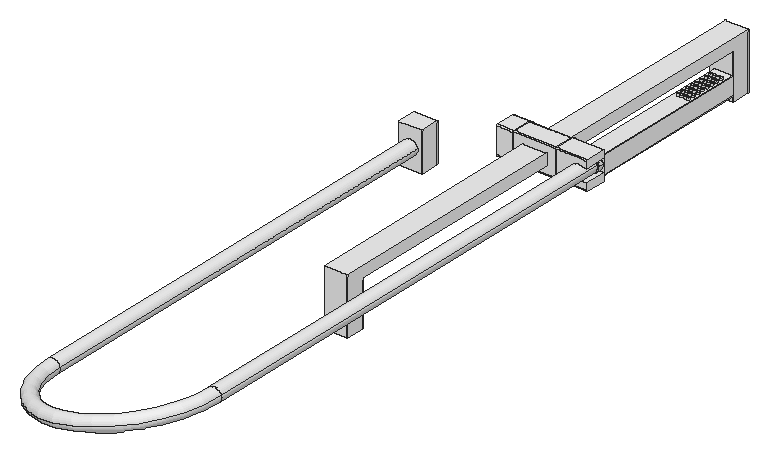
Revit family "Shower_Set-GROHE-Euphoria_Cube+_Stick-27891000", category Plumbing Fixtures, host Face, Revit 2014
Parameters
  cUPC Compliant = yes
  Width = 6"
  Waste Connection = no
  Warranty Documentation Link = "https://cdn.cloud.grohe.com/tpi/1000/1900/1940/1949/1949006/original/1949006.pdf"
  WFU = 4  # constant formula
  Vent Connection = no
  URL = "https://www.grohe.us/"
  Type Comments = ""
  Tempered Connection Radius = Tempered Connection Diameter / 2  # 1/4"
  Tempered Connection Diameter = Hot Water Connection Diameter  # 1/2"
  Product Page URL = "https://www.grohe.us/en_us/euphoria-cube-shower-set-27891000.html"
  Price = "Prices may vary. Please consult Manufacturer Representative for most up-to-date price list."  # constant formula
  Model = "27891000"
  Material = "Metal-Grohe-000-Chrome"
  Manufacturer = "Grohe"
  Length = 2 7/8"
  Installation Type = "Wall Mounted"
  Hot Water Connection Radius = Hot Water Connection Diameter / 2  # 1/4"
  Hot Water Connection Diameter = Cold Water Connection Diameter  # 1/2"
  Height = 24 105/256"  # constant formula
  HWFU = 3  # constant formula
  HW Connection = yes
  Flow Rate = "2.0 gpm (7.6 L/min.)"
  Finish = Metal-Grohe-000-Chrome
  Description = "Euphoria Cube+ Stick"  # constant formula
  Default Elevation = 78"  # constant formula
  Creation Date = "03/08/2017"  # constant formula
  Cold Water Connection Radius = 1/4"  # constant formula
  Cold Water Connection Diameter = Cold Water Connection Radius * 2  # 1/2"
  CalGreen Compliant = yes
  CWFU = 3  # constant formula
  CW Connection = yes
  Assembly Code = "D2010710"
  ADA Compliant = yes
Reference planes (in)
  plane 1 "Center (Front/Back)": y = 0
  plane 2: z = 0
  plane 3 "Center (Left/Right)": x = 0
  plane 4: x = -6
  plane 5: y = 12.20508
  plane 6: y = -12.20508
  plane 7: z = 2.875
  plane 8: x = -0.59055
  plane 9: x = 0.59055
  plane 10: z = 1.97054
  plane 11: y = 12.70114
  plane 12: y = 11.70902
  plane 13: z = 2.57768
  plane 14: through (-7.40343, 0.62043, 49.61304) normal (0.9819, 0, 0.1893)
  plane 15: through (-6.69212, 0.62043, 49.75014) normal (0.9819, 0, 0.1893)
Forms (in)
  Extrusion 1, solid, material "Metal-Grohe-000-Chrome" <- "Finish"
    sketch origin (0, 0, 0) x (1, 0, 0) y (0, 1, 0)
      loop
        arc (-0.5605, 12.70114) -> (-0.58175, 12.69234) -> (-0.59055, 12.67109) r 0.03005
        line (-0.59055, 12.67109) -> (-0.59055, 11.73906)
        arc (-0.59055, 11.73906) -> (-0.58175, 11.71782) -> (-0.5605, 11.70902) r 0.03005
        line (-0.5605, 11.70902) -> (0.5605, 11.70902)
        arc (0.5605, 11.70902) -> (0.58175, 11.71782) -> (0.59055, 11.73906) r 0.03005
        line (0.59055, 11.73906) -> (0.59055, 12.67109)
        arc (0.59055, 12.67109) -> (0.58175, 12.69234) -> (0.5605, 12.70114) r 0.03005
        line (0.5605, 12.70114) -> (-0.5605, 12.70114)
      loop
        line (-0.5605, -12.70114) -> (0.5605, -12.70114)
        arc (0.5605, -12.70114) -> (0.58175, -12.69234) -> (0.59055, -12.67109) r 0.03005
        line (0.59055, -12.67109) -> (0.59055, -11.73906)
        arc (0.59055, -11.73906) -> (0.58175, -11.71782) -> (0.5605, -11.70902) r 0.03005
        line (0.5605, -11.70902) -> (-0.5605, -11.70902)
        arc (-0.5605, -11.70902) -> (-0.58175, -11.71782) -> (-0.59055, -11.73906) r 0.03005
        line (-0.59055, -11.73906) -> (-0.59055, -12.67109)
        arc (-0.59055, -12.67109) -> (-0.58175, -12.69234) -> (-0.5605, -12.70114) r 0.03005
    from 0 to 2.875
  Extrusion 2, solid, material "Metal-Grohe-000-Chrome" <- "Finish"
    sketch origin (0, 0, 0.90446) x (1, 0, 0) y (0, 1, 0)
      loop
        line (-0.59055, 12.20508) -> (-0.59055, -12.20508) -> (0.59055, -12.20508) -> (0.59055, 12.20508) -> (-0.59055, 12.20508)
    from 1.39764 to 1.97054
  Extrusion 3, solid, material "Metal-Grohe-000-Chrome" <- "Finish"
    sketch origin (0, 0, 0.90446) x (0, 1, 0) y (0, 0, 1)
      loop
        line (0.91045, 2.38182) -> (-0.07469, 2.38182)
        arc (-0.07469, 2.38182) -> (-0.10231, 2.37038) -> (-0.11375, 2.34276) r 0.03906
        line (-0.11375, 2.34276) -> (-0.11375, 1.0022)
        arc (-0.11375, 1.0022) -> (-0.10275, 0.97564) -> (-0.07619, 0.96464) r 0.03756
        line (-0.07619, 0.96464) -> (0.91004, 0.96464)
        arc (0.91004, 0.96464) -> (0.93766, 0.97608) -> (0.9491, 1.0037) r 0.03906
        line (0.9491, 1.0037) -> (0.9491, 2.34317)
        arc (0.9491, 2.34317) -> (0.93778, 2.3705) -> (0.91045, 2.38182) r 0.03865
    from -1.9185 to 2.65748
  Extrusion 4, void
    sketch origin (0, 0, 0.90446) x (0, 1, 0) y (0, 0, 1)
      loop
        line (-0.05125, 2.31932) -> (-0.05125, 1.02714) -> (0.8866, 1.02714) -> (0.8866, 2.31932) -> (-0.05125, 2.31932)
      loop
        arc (-0.07469, 2.44432) -> (-0.1465, 2.41457) -> (-0.17625, 2.34276) r 0.10156
        line (-0.17625, 2.34276) -> (-0.17625, 1.0022)
        arc (-0.17625, 1.0022) -> (-0.14694, 0.93144) -> (-0.07619, 0.90214) r 0.10006
        line (-0.07619, 0.90214) -> (0.91004, 0.90214)
        arc (0.91004, 0.90214) -> (0.98186, 0.93188) -> (1.0116, 1.0037) r 0.10156
        line (1.0116, 1.0037) -> (1.0116, 2.34317)
        arc (1.0116, 2.34317) -> (0.98198, 2.41469) -> (0.91045, 2.44432) r 0.10115
        line (0.91045, 2.44432) -> (-0.07469, 2.44432)
    from -1.09173 to -1.05346
  Extrusion 5, void
    sketch origin (0, 0, 0.90446) x (0, 1, 0) y (0, 0, -1)
      loop
        line (-0.05125, -2.31932) -> (0.8866, -2.31932) -> (0.8866, -1.02714) -> (-0.05125, -1.02714) -> (-0.05125, -2.31932)
      loop
        line (-0.07469, -2.44432) -> (0.91045, -2.44432)
        arc (0.91045, -2.44432) -> (0.98198, -2.41469) -> (1.0116, -2.34317) r 0.10115
        line (1.0116, -2.34317) -> (1.0116, -1.0037)
        arc (1.0116, -1.0037) -> (0.98186, -0.93188) -> (0.91004, -0.90214) r 0.10156
        line (0.91004, -0.90214) -> (-0.07619, -0.90214)
        arc (-0.07619, -0.90214) -> (-0.14694, -0.93144) -> (-0.17625, -1.0022) r 0.10006
        line (-0.17625, -1.0022) -> (-0.17625, -2.34276)
        arc (-0.17625, -2.34276) -> (-0.1465, -2.41457) -> (-0.07469, -2.44432) r 0.10156
    from -1.09173 to -1.04748
  Extrusion 6, void
    sketch origin (0, 0, 0) x (0, 1, 0) y (0, 0, 1)
      loop
        line (0.77744, 3.012) -> (0.04784, 3.012) -> (0.04784, 2.12638) -> (0.77744, 2.12638) -> (0.77744, 3.012)
      loop
        line (0.71494, 2.9495) -> (0.11034, 2.9495) -> (0.11034, 2.18888) -> (0.71494, 2.18888) -> (0.71494, 2.9495)
    from -1.9848 to -1.88232
  Extrusion 7, void
    sketch origin (0, 0, 0) x (1, 0, 0) y (0, 0, 1)
      loop
        arc (2.18504, 2.89861) -> (1.86412, 2.57768) -> (2.18504, 2.25676) r 0.32092
        line (2.18504, 2.25676) -> (2.86693, 2.25676) -> (2.86693, 2.89861) -> (2.18504, 2.89861)
    from -1.15281 to 1.00264
  Extrusion 8, solid, material "Metal-Grohe-000-Chrome" <- "Finish"
    sketch origin (0, 0, 0) x (1, 0, 0) y (0, 1, 0)
      loop
        arc (-6.5605, 0.49606) -> (-6.58175, 0.48726) -> (-6.59055, 0.46601) r 0.03005
        line (-6.59055, 0.46601) -> (-6.59055, -0.46601)
        arc (-6.59055, -0.46601) -> (-6.58175, -0.48726) -> (-6.5605, -0.49606) r 0.03005
        line (-6.5605, -0.49606) -> (-5.4395, -0.49606)
        arc (-5.4395, -0.49606) -> (-5.41825, -0.48726) -> (-5.40945, -0.46601) r 0.03005
        line (-5.40945, -0.46601) -> (-5.40945, 0.46601)
        arc (-5.40945, 0.46601) -> (-5.41825, 0.48726) -> (-5.4395, 0.49606) r 0.03005
        line (-5.4395, 0.49606) -> (-6.5605, 0.49606)
    from 0 to 1.97054
  Sweep 9, solid, material "Metal-Grohe-000-Chrome" <- "Finish"
    path origin (-0.10845, 0, 2.13561) x (0.981925, 0, 0.189268) y (0, 1, 0)
      loop
        line (-6, 0) -> (-6, -23.16051)
        arc (-6, -23.16051) -> (-1.82935, -27.33116) -> (2.34129, -23.16051) r 4.17065
        line (2.34129, -23.16051) -> (2.34129, 0.62043)
    profile origin (-6, -11.58026, 1) x (0.981925, 0, 0.189268) y (-0.189268, 0, 0.981925)
      loop
        circle (0, 0) r 0.3622
Cuts and joins
  Extrusion 6, Extrusion 7 cuts Extrusion 1
  Extrusion 6, Extrusion 7 cuts Extrusion 2
  Extrusion 4, Extrusion 5, Extrusion 6, Extrusion 7 cuts Extrusion 3
  joined: Extrusion 1, Extrusion 2, Extrusion 3, Extrusion 8, Sweep 9
Lines and regions (in)
  Masking region 1
    outline origin (0, 0, 0) x (1, 0, 0) y (0, 0, 1)
      loop
        line (-5.40945, 1.97054) -> (-6.59055, 1.97054) -> (-6.59055, 0) -> (-5.40945, 0) -> (-5.40945, 0.74496) -> (-0.59055, 1.67381) -> (-0.59055, 0) -> (0.59055, 0) -> (0.59055, 1.86909) -> (1.04748, 1.86909) -> (1.04748, 1.93159) -> (1.09173, 1.93159) -> (1.09173, 1.86909) -> (2.65748, 1.86909) -> (2.65748, 3.28628) -> (1.09173, 3.28628) -> (1.09173, 3.22378) -> (1.04748, 3.22378) -> (1.04748, 3.28628) -> (-1.04748, 3.28628) -> (-1.04748, 3.22378) -> (-1.09173, 3.22378) -> (-1.09173, 3.28628) -> (-1.9185, 3.28628) -> (-1.9185, 2.15559) -> (-5.40945, 1.4827) -> (-5.40945, 1.97054)
  model lines, style "Default"
    curve 1: line (0, 12.07514, 0) -> (0, 12.20508, 0)
    curve 2: line (0, 12.20508, 0) -> (-0.12652, 12.20508, 0)
    curve 3: line (0.11784, -11.36973, 0) -> (0, -11.36973, 0)
    curve 4: line (0, -11.36973, 0) -> (0, -11.58639, 0)
  symbolic lines, detail levels medium+fine
    curve 5: line (0.59055, 0, 1.86909) -> (0.59055, 0, 2.875)
    curve 6: line (0.59055, 0, 2.875) -> (-0.59055, 0, 2.875)
    curve 7: line (-0.59055, 0, 2.875) -> (-0.59055, 0, 1.67381)
    curve 8: line (-1.9185, 0, 2.15559) -> (-1.9185, 0, 1.86909)
    curve 9: line (-1.9185, 0, 1.86909) -> (-1.09173, 0, 1.86909)
    curve 10: line (-1.09173, 0, 1.86909) -> (-1.09173, 0, 1.93159)
    curve 11: line (-1.04748, 0, 1.93159) -> (-1.04748, 0, 1.86909)
    curve 12: line (-1.09173, 0, 1.93159) -> (-1.04748, 0, 1.93159)
    curve 13: line (-1.04748, 0, 1.86909) -> (-0.59055, 0, 1.86909)
    curve 14: arc (2.63744, 0, 2.10525) -> (2.65161, 0, 2.11112) -> (2.65748, 0, 2.12529) r 0.02004
    curve 15: line (2.63744, 0, 2.10525) -> (1.73265, 0, 2.10525)
    curve 16: arc (1.71261, 0, 2.12529) -> (1.71848, 0, 2.11112) -> (1.73265, 0, 2.10525) r 0.02004
    curve 17: line (1.71261, 0, 2.12529) -> (1.71261, 0, 3.03007)
    curve 18: arc (1.73265, 0, 3.05012) -> (1.71848, 0, 3.04425) -> (1.71261, 0, 3.03007) r 0.02004
    curve 19: arc (2.65748, 0, 3.03007) -> (2.65161, 0, 3.04425) -> (2.63744, 0, 3.05012) r 0.02004
    curve 20: line (1.73265, 0, 3.05013) -> (1.85416, 0, 3.05013)
    curve 21: line (1.85416, 0, 3.10918) -> (1.98165, 0, 3.10918)
    curve 22: line (2.51593, 0, 3.10918) -> (2.51593, 0, 3.05013)
    curve 23: line (2.38931, 0, 3.10918) -> (2.38931, 0, 3.05013)
    curve 24: line (2.33767, 0, 3.10918) -> (2.33767, 0, 3.05013)
    curve 25: line (2.21017, 0, 3.10918) -> (2.21017, 0, 3.05013)
    curve 26: line (2.15853, 0, 3.10918) -> (2.15853, 0, 3.05013)
    curve 27: line (2.03329, 0, 3.10918) -> (2.03329, 0, 3.05013)
    curve 28: line (1.98165, 0, 3.10918) -> (1.98165, 0, 3.05013)
    curve 29: line (1.85416, 0, 3.10918) -> (1.85416, 0, 3.05013)
    curve 30: line (2.51593, 0, 3.05013) -> (2.63744, 0, 3.05013)
    curve 31: line (2.33767, 0, 3.05013) -> (2.38931, 0, 3.05013)
    curve 32: line (2.15853, 0, 3.05013) -> (2.21017, 0, 3.05013)
    curve 33: line (1.98165, 0, 3.05013) -> (2.03329, 0, 3.05013)
    curve 34: line (2.38931, 0, 3.10918) -> (2.51593, 0, 3.10918)
    curve 35: line (2.21017, 0, 3.10918) -> (2.33767, 0, 3.10918)
    curve 36: line (2.03329, 0, 3.10918) -> (2.15853, 0, 3.10918)
    curve 37: line (2.51593, 0, 3.05013) -> (2.38931, 0, 3.05013)
    curve 38: line (2.33767, 0, 3.05013) -> (2.21017, 0, 3.05013)
    curve 39: line (2.15853, 0, 3.05013) -> (2.03329, 0, 3.05013)
    curve 40: line (1.98165, 0, 3.05013) -> (1.85416, 0, 3.05013)
    curve 41: line (1.09173, 0, 3.22378) -> (1.09173, 0, 1.93159)
    curve 42: line (1.04748, 0, 1.93159) -> (1.04748, 0, 3.22378)
    curve 43: line (-1.04748, 0, 3.22378) -> (-1.04748, 0, 1.93159)
    curve 44: line (-1.09173, 0, 1.93159) -> (-1.09173, 0, 3.22378)
    curve 45: line (-5.40945, 0, 1.4827) -> (-5.40945, 0, 0.74496)
    curve 46: line (2.55921, 0, 2.99107) -> (1.81118, 0, 2.99107)
    curve 47: arc (1.81118, 0, 2.99107) -> (1.78334, 0, 2.97954) -> (1.77181, 0, 2.9517) r 0.03937
    curve 48: line (1.77181, 0, 2.9517) -> (1.77181, 0, 2.20367)
    curve 49: arc (1.77181, 0, 2.20367) -> (1.78334, 0, 2.17583) -> (1.81118, 0, 2.1643) r 0.03937
    curve 50: line (1.81118, 0, 2.1643) -> (2.55921, 0, 2.1643)
    curve 51: arc (2.55921, 0, 2.1643) -> (2.58705, 0, 2.17583) -> (2.59858, 0, 2.20367) r 0.03937
    curve 52: line (2.59858, 0, 2.20367) -> (2.59858, 0, 2.9517)
    curve 53: arc (2.59858, 0, 2.9517) -> (2.58705, 0, 2.97954) -> (2.55921, 0, 2.99107) r 0.03937
    curve 54: line (1.80306, 0, 2.95982) -> (2.56733, 0, 2.95982)
    curve 55: line (2.56733, 0, 2.95982) -> (2.56733, 0, 2.19555)
    curve 56: line (2.56733, 0, 2.19555) -> (1.80306, 0, 2.19555)
    curve 57: line (1.80306, 0, 2.19555) -> (1.80306, 0, 2.95982)
Dimensions and locks (in)
  equal spacing: plane 5, plane 1 "Center (Front/Back)", plane 6
  "Height": plane 5 to plane 6
  "Length": plane 7 to level
  "Width": plane 4 to plane 3 "Center (Left/Right)"
  locked: plane 10 to plane 7 at 0.90446
  plane 7 to plane 10 = 0.90446"
  aligned and locked: plane 2 to host face
  aligned and locked: level to host face
Automatic sketch dimensions
  plane 5 to curve 2 = 0"
  curve 2 to plane 3 "Center (Left/Right)" = 0"
  curve 4 to plane 3 "Center (Left/Right)" = 0"
  plane 6 to curve 3 = 0.83535"
  curve 2 to plane 3 "Center (Left/Right)" = 0.12652"
  curve 3 to curve 3 = 0.11784"
  curve 1 to curve 1 = 0.12994"
  curve 4 to curve 3 = 0.21667"
  host sketch curve to host sketch curve = 96"  (x2)
  Extrusion 1 sketch curve to plane 8 = 0"  (x2)
  plane 11 to Extrusion 1 sketch curve = 0"
  Extrusion 1 sketch curve to plane 12 = 0"
  Extrusion 1 sketch curve to plane 9 = 0"  (x2)
  Extrusion 1 sketch curve to Extrusion 1 sketch curve = 0.03005"  (x6)
  plane 9 to Extrusion 1 sketch curve = 0.03005"  (x2)
  plane 6 to Extrusion 1 sketch curve = 0.49606"
  Extrusion 1 sketch curve to plane 6 = 0.46601"
  Extrusion 2 sketch curve to plane 6 = 0"
  Extrusion 2 sketch curve to plane 8 = 0"
  Extrusion 2 sketch curve to plane 9 = 0"
  plane 5 to Extrusion 2 sketch curve = 0"
  plane 1 "Center (Front/Back)" to Extrusion 3 sketch curve = 0.11375"
  Extrusion 3 sketch curve to Extrusion 3 sketch curve = 0.03756"
  Extrusion 3 sketch curve to Extrusion 3 sketch curve = 5/128"
  plane 10 to Extrusion 3 sketch curve = 0.10145"
  Extrusion 3 sketch curve to plane 1 "Center (Front/Back)" = 0.91004"
  plane 7 to Extrusion 3 sketch curve = 0.37262"
  Extrusion 3 sketch curve to plane 1 "Center (Front/Back)" = 0.91045"
  Extrusion 3 sketch curve to Extrusion 3 sketch curve = 0.03865"
  plane 1 "Center (Front/Back)" to Extrusion 4 sketch curve = 0.17625"
  plane 1 "Center (Front/Back)" to Extrusion 4 sketch curve = 0.07619"
  plane 1 "Center (Front/Back)" to Extrusion 4 sketch curve = 0.07469"
  Extrusion 4 sketch curve to Extrusion 4 sketch curve = 0.02494"
  plane 10 to Extrusion 4 sketch curve = 0.03895"
  Extrusion 4 sketch curve to plane 1 "Center (Front/Back)" = 0.8866"
  Extrusion 4 sketch curve to Extrusion 4 sketch curve = 3/128"  (x3)
  Extrusion 4 sketch curve to Extrusion 4 sketch curve = 0.02385"
  Extrusion 4 sketch curve to Extrusion 4 sketch curve = 0.10115"
  plane 7 to Extrusion 4 sketch curve = 0.34878"
  plane 1 "Center (Front/Back)" to Extrusion 5 sketch curve = 0.17625"
  plane 1 "Center (Front/Back)" to Extrusion 5 sketch curve = 0.07619"
  plane 1 "Center (Front/Back)" to Extrusion 5 sketch curve = 0.07469"
  Extrusion 5 sketch curve to Extrusion 5 sketch curve = 0.02494"
  plane 10 to Extrusion 5 sketch curve = 0.03895"
  Extrusion 5 sketch curve to plane 1 "Center (Front/Back)" = 0.8866"
  Extrusion 5 sketch curve to Extrusion 5 sketch curve = 3/128"  (x3)
  Extrusion 5 sketch curve to Extrusion 5 sketch curve = 0.02385"
  Extrusion 5 sketch curve to Extrusion 5 sketch curve = 0.10115"
  plane 7 to Extrusion 5 sketch curve = 0.34878"
  Extrusion 6 sketch curve to plane 1 "Center (Front/Back)" = 0.04784"
  Extrusion 6 sketch curve to Extrusion 6 sketch curve = 1/16"  (x4)
  Extrusion 6 sketch curve to plane 10 = 0.21834"
  Extrusion 6 sketch curve to Extrusion 6 sketch curve = 0.6046"
  plane 7 to Extrusion 6 sketch curve = 0.0745"
  Extrusion 7 sketch curve to plane 13 = 0"
  plane 7 to Extrusion 7 sketch curve = 0.02361"
  Extrusion 7 sketch curve to plane 9 = 1.59449"
  Extrusion 7 sketch curve to Extrusion 7 sketch curve = 0.68188"
  Extrusion 7 sketch curve to Extrusion 7 sketch curve = 0"
  Extrusion 8 sketch curve to plane 4 = 0.59055"
  Extrusion 8 sketch curve to Extrusion 8 sketch curve = 0.03005"  (x3)
  plane 4 to Extrusion 8 sketch curve = 0.5605"  (x2)
  plane 1 "Center (Front/Back)" to Extrusion 8 sketch curve = 0.49606"
  Extrusion 8 sketch curve to plane 1 "Center (Front/Back)" = 0.46601"
  plane 1 "Center (Front/Back)" to Sweep 9 sketch curve = 0"
  Sweep 9 sketch curve to plane 14 = 7.82284"
  Sweep 9 sketch curve to plane 14 = 3.65219"
  Sweep 9 sketch curve to plane 6 = 10.95544"
  Sweep 9 sketch curve to plane 1 "Center (Front/Back)" = 0.62043"
  profile plane to Sweep 9 sketch curve = 0"  (x2)
  Masking region 1 sketch curve to plane 10 = 0"
  Masking region 1 sketch curve to level = 0"  (x2)
  Masking region 1 sketch curve to plane 8 = 0"
  plane 9 to Masking region 1 sketch curve = 0"
  Masking region 1 sketch curve to plane 8 = 0.45693"
  Masking region 1 sketch curve to Masking region 1 sketch curve = 0.04425"  (x3)
  plane 7 to Masking region 1 sketch curve = 0.41128"  (x2)
  Masking region 1 sketch curve to Masking region 1 sketch curve = 0.82677"
  plane 4 to Masking region 1 sketch curve = 0.59055"  (x2)
  Masking region 1 sketch curve to plane 4 = 0.59055"
  Masking region 1 sketch curve to plane 9 = 0.45693"  (x2)
  plane 10 to Masking region 1 sketch curve = 0.03895"
  Masking region 1 sketch curve to Masking region 1 sketch curve = 1.56575"
  Masking region 1 sketch curve to Masking region 1 sketch curve = 1/16"  (x3)
  Masking region 1 sketch curve to Masking region 1 sketch curve = 0"  (x2)
  Masking region 1 sketch curve to plane 7 = 0.71941"
  plane 10 to Masking region 1 sketch curve = 0.29673"
  plane 10 to Masking region 1 sketch curve = 0.48784"
  Masking region 1 sketch curve to Masking region 1 sketch curve = 0.73774"
  curve 6 to plane 7 = 0"
  curve 6 to plane 8 = 0"
  plane 9 to curve 6 = 0"
  plane 10 to curve 43 = 0.03895"
  curve 43 to plane 8 = 0.45693"
  curve 10 to curve 11 = 0.04425"
  plane 10 to curve 9 = 0.10145"
  curve 9 to curve 9 = 0.82677"
  plane 7 to curve 17 = 0.15507"
  curve 17 to plane 9 = 1.12205"
  curve 17 to curve 15 = 0.02004"
  curve 17 to curve 18 = 0.02004"
  curve 18 to curve 29 = 0.12151"
  curve 21 to curve 28 = 0.12749"
  curve 28 to curve 27 = 0.05164"
  curve 27 to curve 26 = 0.12524"
  curve 26 to curve 35 = 0.05164"
  curve 25 to curve 24 = 0.12749"
  curve 24 to curve 37 = 0.05164"
  curve 23 to curve 30 = 0.12662"
  curve 22 to curve 19 = 0.12151"
  curve 15 to plane 10 = 0.13471"
  curve 15 to curve 15 = 0.90479"
  curve 11 to curve 9 = 0"
  curve 14 to curve 14 = 0.02004"
  plane 7 to curve 19 = 0.15507"
  plane 7 to curve 23 = 0.17513"
  curve 27 to curve 36 = 0.05906"
  curve 24 to curve 35 = 0.05906"
  curve 22 to curve 34 = 0.05906"
  curve 20 to curve 29 = 0.05906"
  plane 4 to curve 45 = 0.59055"
  curve 42 to plane 9 = 0.45693"
  curve 42 to curve 41 = 0.04425"
  curve 20 to curve 18 = 0"
  curve 30 to curve 19 = 0"
  curve 19 to curve 19 = 0.02004"
  plane 10 to curve 5 = 0.10145"
  curve 7 to curve 13 = 0.19528"
  plane 10 to curve 45 = 0.48784"
  curve 45 to curve 45 = 0.73774"
  plane 10 to curve 42 = 0.03895"
  plane 10 to curve 41 = 0.03895"
  curve 8 to plane 10 = 0.18505"
  plane 7 to curve 44 = 0.34878"
  plane 7 to curve 42 = 0.34878"
  curve 41 to curve 42 = 0"
  curve 43 to curve 44 = 0"
  curve 16 to curve 48 = 0.03916"
  curve 47 to curve 47 = 0.03937"
  curve 48 to curve 49 = 0.03937"
  curve 22 to curve 46 = 0.04328"
  curve 51 to curve 14 = 0.07822"
  curve 51 to curve 52 = 0.03937"
  curve 16 to curve 50 = 0.039"
  plane 7 to curve 47 = 0.0767"
  curve 57 to curve 49 = 0.00812"
  curve 51 to curve 55 = 0.00812"
  curve 56 to curve 51 = 0.00812"
  curve 47 to curve 54 = 0.00812"
  radius of Sweep 9 sketch curve = 0.3622"
Nested families (in)
  nested 1: "27891 Shower Handle" at (2.18504, 0.62043, 2.57768) x (-1, 0, 0) z (0, 1, 0), type "27891 Hand Shower 000"
Connectors (in)
  piping at (-6, 0, 0), diameter 0.5, driven by "Tempered Connection Diameter"
    settings: on cut or joined group of Extrusion 1, Extrusion 2, Extrusion 3, Extrusion 4, Extrusion 5, Extrusion 6, Extrusion 7, Extrusion 8, Sweep 9, index 1, connector inside diameter 24", connector length 0", flow factor 0, pipe flow 0 GPM, pressure drop 0.00 psi, fitting loss kfactor 0, connector angle 0.00°, fixture units 0, engagement length 0", angle of deflection 0.00°, flow configuration 0, flow direction 1, fitting loss method 0, system type 29, joint type 0, gender type 0, connector reference index -1, connector utility 0, adjustable connector no, is connector primary yes, connector description "1/2\" NPT Supply Inlet"
Definition of nested family "27891 Shower Handle"
  Parameters (values of type "27891 Hand Shower 000")
    Material = Metal-Grohe-000-Chrome
    Default Elevation = 0"
  Reference planes (in)
    plane 1 "Center (Front/Back)": y = 0
    plane 2: z = 0
    plane 3 "Center (Left/Right)": x = 0
    plane 4: z = 7.73206
  Forms (in)
    Extrusion 1, solid, material "Metal-Grohe-000-Chrome" <- "Material"
      sketch origin (0, 0, 0) x (1, 0, 0) y (0, 1, 0)
        loop
          line (0.45239, 0.47243) -> (-0.45239, 0.47243)
          arc (-0.45239, 0.47243) -> (-0.46657, 0.46656) -> (-0.47244, 0.45239) r 0.02004
          line (-0.47244, 0.45239) -> (-0.47244, -0.45239)
          arc (-0.47244, -0.45239) -> (-0.46657, -0.46656) -> (-0.45239, -0.47243) r 0.02004
          line (-0.45239, -0.47243) -> (0.45239, -0.47244)
          arc (0.45239, -0.47244) -> (0.46657, -0.46656) -> (0.47244, -0.45239) r 0.02004
          line (0.47244, -0.45239) -> (0.47244, 0.45239)
          arc (0.47244, 0.45239) -> (0.46657, 0.46656) -> (0.45239, 0.47243) r 0.02004
      from 0.39371 to 8.50391
    Revolve 2, solid, material "Metal-Grohe-000-Chrome" <- "Material"
      sketch origin (0, 0, 0) x (1, 0, 0) y (0, 0, 1)
        loop
          line (-0.4125, 0.31496) -> (-0.4125, 0.09754) -> (-0.3622, 0.04724) -> (-0.3622, 0) -> (0, 0) -> (0, 0.48079) -> (-0.30511, 0.48079)
          arc (-0.30511, 0.48079) -> (-0.32099, 0.39351) -> (-0.3622, 0.31496) r 0.2937
          line (-0.3622, 0.31496) -> (-0.4125, 0.31496)
        axis (0, 0.48079) -> (0, 0)
      angle from 0 to 360
    Extrusion 3, solid, material "Metal-Grohe-000-Chrome" <- "Material"
      sketch origin (0, 0, 0) x (1, 0, 0) y (0, 0, 1)
        loop
          circle (-0.26772, 8.02166) r 0.06317
        loop
          circle (-0.08858, 8.02166) r 0.06317
        loop
          circle (-0.26772, 7.72639) r 0.06317
        loop
          circle (-0.08858, 7.72639) r 0.06317
        loop
          circle (-0.26772, 7.4311) r 0.06317
        loop
          circle (-0.08858, 7.4311) r 0.06317
        loop
          circle (-0.26772, 7.13584) r 0.06317
        loop
          circle (-0.08858, 7.13584) r 0.06317
        loop
          circle (-0.26772, 6.84056) r 0.06317
        loop
          circle (-0.08858, 6.84056) r 0.06317
        loop
          circle (-0.26772, 6.54529) r 0.06317
        loop
          circle (-0.08858, 6.54529) r 0.06317
        loop
          circle (-0.26772, 6.25) r 0.06317
        loop
          circle (-0.08858, 6.25) r 0.06317
        loop
          circle (-0.26772, 5.95472) r 0.06317
        loop
          circle (-0.08858, 5.95472) r 0.06317
        loop
          circle (0.26772, 8.02166) r 0.06317
        loop
          circle (0.08858, 8.02166) r 0.06317
        loop
          circle (0.26772, 7.72639) r 0.06317
        loop
          circle (0.08858, 7.72639) r 0.06317
        loop
          circle (0.26772, 7.4311) r 0.06317
        loop
          circle (0.08858, 7.4311) r 0.06317
        loop
          circle (0.26772, 7.13584) r 0.06317
        loop
          circle (0.08858, 7.13584) r 0.06317
        loop
          circle (0.26772, 6.84056) r 0.06317
        loop
          circle (0.08858, 6.84056) r 0.06317
        loop
          circle (0.26772, 6.54529) r 0.06317
        loop
          circle (0.08858, 6.54529) r 0.06317
        loop
          circle (0.26772, 6.25) r 0.06317
        loop
          circle (0.08858, 6.25) r 0.06317
        loop
          circle (0.26772, 5.95472) r 0.06317
        loop
          circle (0.08858, 5.95472) r 0.06317
      from 0 to 0.5315
    Extrusion 4, void
      sketch origin (0, 0, 0) x (1, 0, 0) y (0, 1, 0)
        loop
          arc (-0.37417, 0.41339) -> (-0.40201, 0.40185) -> (-0.41354, 0.37402) r 0.03937
          line (-0.41354, 0.37402) -> (-0.41354, -0.37402)
          arc (-0.41354, -0.37402) -> (-0.40201, -0.40185) -> (-0.37417, -0.41339) r 0.03937
          line (-0.37417, -0.41339) -> (0.37386, -0.41339)
          arc (0.37386, -0.41339) -> (0.4017, -0.40185) -> (0.41323, -0.37402) r 0.03937
          line (0.41323, -0.37402) -> (0.41323, 0.37402)
          arc (0.41323, 0.37402) -> (0.4017, 0.40185) -> (0.37386, 0.41339) r 0.03937
          line (0.37386, 0.41339) -> (-0.37417, 0.41339)
        loop
          line (0.38198, 0.38214) -> (-0.38229, 0.38214) -> (-0.38229, -0.38214) -> (0.38198, -0.38214) -> (0.38198, 0.38214)
      from 8.44195 to 8.50391
  Cuts and joins
    Extrusion 4 cuts Extrusion 1
    joined: Extrusion 1, Revolve 2, Extrusion 3
